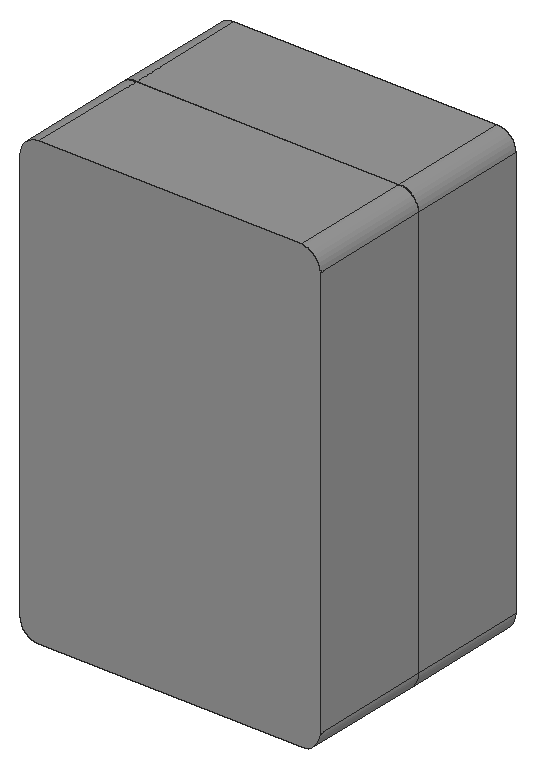
Revit family "Domotics-DomesticRanges-GEWISS-27COMBI22-IP66_ENCLOSURES_1OPERATOR_D22", category Apparecchi elettrici, host Muro, Revit 2016
Family settings
  Host = Muro
  Mantenere orientamento annotazione = No
  Tipo di parte = Normale
  Quota connettore circolare = Usa diametro
  Sempre verticale = Sì
  Taglio con vuoti quando caricato = No
  Condiviso = No
  Punto di calcolo locali = No
Parameters (values of type "GW27202 - Enclosure 1 gang red emergency button")
  Version file RFA = "18.0"
  URL = "https://www.gewiss.com/ww/en"
  Type of knockout holes = "Removable with tool"
  Torque screws tightening = "0,8NM"
  Thermo-pressure with ball = "70 °C"
  Technical sheet = "https://www.gewiss.com/ww/en/search?q=GW27202"
  Standard; = "EN 60947-1 - EN 60947-5-1"
  Standard = "EN 60947-1 - EN 60947-5-1"
  SEO = "Enclosure"
  Realized by GEWISS S.p.A. = ""
  Produttore = "GEWISS S.p.A."
  Outer dim. LxHxD (mm) = "66x82x65"
  Operators Ã˜ 22 = "Emergency (red)"
  No. gangs = "1"
  Modello = "GW27202"
  Lid screws = "Stainless steel"
  Insulation class = "II"
  Installation temperature = "-25 +60 °C"
  Immagine tipo = GW27202.jpg
  Scocca anteriore = Giallo
  Pulsante_1 = Pulsante emergenza - rosso
  Profondità = 65 mm
  Larghezza = 80 mm
  IP degree = "IP66"
  IFC.TypeObject = ""
  IFC.ExportType = ""
  IFC.ExportAs = ""
  IDT = "5a7eeb40-13d5-4b7f-8289-c5ccf35a1a1c"
  IDF = "1d24cdab-fbde-41bc-9d64-04a2c72208b5"
  Glow Wire Test = "650°C"
  Electrocod = "0212"
  EAN code = "8011564055575"
  Descrizione = "ENCLOSURE 1G RED EMERGENCY BUTTON"
  Contacts = "1 NO - 1 NC"
  Colour = "Yellow cover"
  Catalogue Range = "27COMBI"
  Catalogue = "DOMOTICS"
  COBie.Tagnumber = ""
  COBie.CreatedOn = ""
  COBie.CreatebBy = ""
  COBie.ComponentRegisterItemID = ""
  COBie.Component.TagNumber = ""
  COBie.Component.Space = ""
  COBie.Component.SerialNumber = ""
  COBie.Component.InstallationDate = ""
  COBie.Component.Description = ""
  COBie.Component.BarCode = ""
  Altezza = 120 mm
Types (2, lengths in mm): name | Technical sheet | Operators Ã˜ 22 | Modello | Immagine tipo | Scocca anteriore | Pulsante_1 | IDT | EAN code | Descrizione | Contacts | Colour
  GW27201 - Enclosure 1 gang black general button | "https://www.gewiss.com/ww/en/search?q=GW27201" | "General (black)" | "GW27201" | GW27201.jpg | Grigio | Pulsante standard - nero | "5abca504-defb-4c72-826a-cd115c14c119" | "8011564055568" | "ENCLOSURE 1G BLACK GENERAL BUTTON" | "1 NO" | "Grey RAL 7035"
  GW27202 - Enclosure 1 gang red emergency button | "https://www.gewiss.com/ww/en/search?q=GW27202" | "Emergency (red)" | "GW27202" | GW27202.jpg | Giallo | Pulsante emergenza - rosso | "5a7eeb40-13d5-4b7f-8289-c5ccf35a1a1c" | "8011564055575" | "ENCLOSURE 1G RED EMERGENCY BUTTON" | "1 NO - 1 NC" | "Yellow cover"
Reference planes
  plane 1 "Muro": y = 0
  plane 2 "Centro (Sinistra/Destra)": x = 125
  plane 3 "Indietro": y = 150
  plane 4: z = 1089.176
  plane 5: z = 1029.176
  plane 6: x = 165
  plane 7: x = 85
  plane 8: z = 969.176
  plane 9: y = 215
  plane 10: y = 182.5
  plane 11: y = 241
  plane 12: y = 244
  plane 13: y = 218
Forms (mm)
  Extrusion 1, solid, material "Grigio"
    sketch origin (0, 0, -500) x (1, 0, 0) y (0, 0, 1)
      loop
        line (160, 1589.176) -> (90, 1589.176)
        arc (90, 1589.176) -> (86.464, 1587.712) -> (85, 1584.176) r 5
        line (85, 1584.176) -> (85, 1474.176)
        arc (85, 1474.176) -> (86.464, 1470.641) -> (90, 1469.176) r 5
        line (90, 1469.176) -> (160, 1469.176)
        arc (160, 1469.176) -> (163.536, 1470.641) -> (165, 1474.176) r 5
        line (165, 1474.176) -> (165, 1584.176)
        arc (165, 1584.176) -> (163.536, 1587.712) -> (160, 1589.176) r 5
    from -182.5 to -150
  Extrusion 2, solid, material "Giallo" <- "Scocca anteriore"
    sketch origin (0, 0, -500) x (1, 0, 0) y (0, 0, 1)
      loop
        line (160, 1589.176) -> (90, 1589.176)
        arc (90, 1589.176) -> (86.464, 1587.712) -> (85, 1584.176) r 5
        line (85, 1584.176) -> (85, 1474.176)
        arc (85, 1474.176) -> (86.464, 1470.641) -> (90, 1469.176) r 5
        line (90, 1469.176) -> (160, 1469.176)
        arc (160, 1469.176) -> (163.536, 1470.641) -> (165, 1474.176) r 5
        line (165, 1474.176) -> (165, 1584.176)
        arc (165, 1584.176) -> (163.536, 1587.712) -> (160, 1589.176) r 5
    from -182.5 to -215
  Revolve 3, solid, material "Pulsante emergenza - rosso" <- "Pulsante_1", detail levels fine
    sketch origin (125, 0, -500) x (0, 1, 0) y (0, 0, 1)
      loop
        line (218, 1529.176) -> (241, 1529.176) -> (241, 1544.599) -> (218, 1542.497) -> (218, 1529.176)
      axis (241, 1529.176) -> (218, 1529.176)
    angle from 0 to 360
  Revolve 4, solid, material "Giallo" <- "Scocca anteriore"
    sketch origin (125, 0, -500) x (0, 1, 0) y (0, 0, 1)
      loop
        line (218, 1542.497) -> (215, 1542.497) -> (215, 1529.176) -> (218, 1529.176) -> (218, 1542.497)
      axis (218, 1529.176) -> (215, 1529.176)
    angle from 0 to 360
  Extrusion 5, void, detail levels fine
    sketch origin (0, 0, -500) x (1, 0, 0) y (0, 0, 1)
      loop
        line (121.294, 1543.009) -> (121.008, 1544.074)
        arc (121.008, 1544.074) -> (117.289, 1542.533) -> (114.095, 1540.082) r 15.423
        line (114.095, 1540.082) -> (114.874, 1539.303)
        arc (114.874, 1539.303) -> (117.84, 1541.578) -> (121.294, 1543.009) r 14.321
      loop
        arc (128.706, 1543.009) -> (132.16, 1541.578) -> (135.126, 1539.303) r 14.321
        line (135.126, 1539.303) -> (135.905, 1540.082)
        arc (135.905, 1540.082) -> (132.711, 1542.533) -> (128.992, 1544.074) r 15.423
        line (128.992, 1544.074) -> (128.706, 1543.009)
      loop
        arc (121.294, 1515.344) -> (117.84, 1516.775) -> (114.874, 1519.05) r 14.321
        line (114.874, 1519.05) -> (114.095, 1518.271)
        arc (114.095, 1518.271) -> (117.289, 1515.82) -> (121.008, 1514.279) r 15.423
        line (121.008, 1514.279) -> (121.294, 1515.344)
      loop
        line (111.167, 1532.883) -> (110.103, 1533.168)
        arc (110.103, 1533.168) -> (109.577, 1529.176) -> (110.103, 1525.185) r 15.423
        line (110.103, 1525.185) -> (111.167, 1525.47)
        arc (111.167, 1525.47) -> (110.679, 1529.176) -> (111.167, 1532.883) r 14.321
      loop
        arc (138.833, 1532.883) -> (139.321, 1529.176) -> (138.833, 1525.47) r 14.321
        line (138.833, 1525.47) -> (139.897, 1525.185)
        arc (139.897, 1525.185) -> (140.423, 1529.176) -> (139.897, 1533.168) r 15.423
        line (139.897, 1533.168) -> (138.833, 1532.883)
      loop
        arc (135.126, 1519.05) -> (132.16, 1516.775) -> (128.706, 1515.344) r 14.321
        line (128.706, 1515.344) -> (128.992, 1514.279)
        arc (128.992, 1514.279) -> (132.711, 1515.82) -> (135.905, 1518.271) r 15.423
        line (135.905, 1518.271) -> (135.126, 1519.05)
    from -241 to -218
  Extrusion 6, solid, material "Pulsante emergenza - rosso" <- "Pulsante_1", detail levels fine
    sketch origin (0, 0, -500) x (1, 0, 0) y (0, 0, 1)
      loop
        circle (125, 1529.176) r 15.423
    from -244 to -241
Cuts and joins
  Extrusion 5 cuts Revolve 3
Lines and regions (mm)
  model lines, detail levels fine
    curve 1: circle (157.854, 215, 1081.654) r 2.95 normal (0, -1, 0)
    curve 2: circle (92.146, 215, 1081.654) r 2.95 normal (0, 1, 0)
    curve 3: circle (157.854, 215, 976.699) r 2.95 normal (0, 1, 0)
    curve 4: circle (92.146, 215, 976.699) r 2.95 normal (0, -1, 0)
Text (mm)
  text "Lato posizionamento" at (-1848.837, 1116.779, 0), in view "Livello rif."
  text "Lato posizionamento" at (0, 1285.74, 1740.657), in view "Sinistra"
  text "Lato posizionamento" at (0, 499.811, 2980.732), in view "Destra"
Dimensions and locks
  locked: plane 3 "Indietro" to host wall
  "Larghezza": plane 7 to plane 6
  "Altezza": plane 8 to plane 4
  equal spacing: plane 8, plane 5, plane 4
  equal spacing: plane 7, plane 2 "Centro (Sinistra/Destra)", plane 6
  locked: plane 12 to plane 11 at 3
  locked: plane 13 to plane 9 at 3
  locked: plane 11 to plane 13 at 23
  equal spacing: plane 9, plane 10, plane 3 "Indietro"
  "Profondità": plane 9 to plane 3 "Indietro"
  aligned and locked: plane 1 "Muro" to host wall
  aligned and locked: plane 4 to Extrusion 1 sketch curve
  aligned and locked: Extrusion 1 sketch curve to plane 6
  aligned and locked: Extrusion 1 sketch curve to plane 8
  aligned and locked: plane 7 to Extrusion 1 sketch curve
  aligned and locked: plane 6 to Extrusion 2 sketch curve
  aligned and locked: plane 8 to Extrusion 2 sketch curve
  aligned and locked: Extrusion 2 sketch curve to plane 4
  aligned and locked: plane 10 to Extrusion 1
  aligned and locked: Extrusion 2 to Extrusion 1
  aligned and locked: Extrusion 1 to host wall
  aligned and locked: Extrusion 5 to Revolve 3  (x2)
  aligned and locked: Extrusion 6 to plane 12
  aligned and locked: Revolve 3 sketch curve to plane 11
  aligned and locked: Extrusion 6 to cut or joined group of Revolve 3, Extrusion 5
  aligned and locked: cut or joined group of Revolve 3, Extrusion 5 to plane 13
  aligned and locked: Revolve 4 to plane 13
  aligned and locked: plane 9 to Extrusion 2
Automatic sketch dimensions
  Extrusion 1 sketch curve to plane 7 = 5 mm
  Extrusion 1 sketch curve to plane 4 = 5 mm
  Extrusion 1 sketch curve to Extrusion 1 sketch curve = 5 mm  (x2)
  plane 7 to Extrusion 2 sketch curve = 0 mm
  Extrusion 2 sketch curve to plane 7 = 5 mm  (x2)
  Extrusion 2 sketch curve to Extrusion 2 sketch curve = 5 mm
  plane 6 to Extrusion 2 sketch curve = 5 mm
  Extrusion 5 sketch curve to Extrusion 5 sketch curve = 0 mm  (x153)
  Extrusion 5 sketch curve to Extrusion 5 sketch curve = 0.285 mm  (x4)
  Extrusion 5 sketch curve to Extrusion 5 sketch curve = 1.065 mm  (x4)
  Extrusion 5 sketch curve to plane 2 "Centro (Sinistra/Destra)" = 3.706 mm
  Extrusion 5 sketch curve to Extrusion 5 sketch curve = 6.42 mm  (x8)
  Extrusion 5 sketch curve to Extrusion 5 sketch curve = 0.779 mm  (x6)
  plane 5 to Extrusion 5 sketch curve = 3.706 mm  (x2)
  Extrusion 5 sketch curve to Extrusion 5 sketch curve = 3.706 mm  (x2)
  Extrusion 5 sketch curve to plane 5 = 3.706 mm  (x2)
  plane 5 to Extrusion 5 sketch curve = 3.992 mm  (x2)
  Extrusion 5 sketch curve to plane 5 = 3.992 mm  (x2)
  plane 2 "Centro (Sinistra/Destra)" to Extrusion 5 sketch curve = 3.706 mm  (x2)
  Extrusion 5 sketch curve to plane 2 "Centro (Sinistra/Destra)" = 0 mm
  Extrusion 5 sketch curve to plane 5 = 0 mm
  Extrusion 5 sketch curve to plane 2 "Centro (Sinistra/Destra)" = 3.992 mm
  Revolve 4 sketch curve to plane 5 = 0 mm  (x2)
  Revolve 4 sketch curve to plane 9 = 0 mm
  Revolve 4 sketch curve to Revolve 4 sketch curve = 3 mm
  plane 5 to Revolve 4 sketch curve = 13.321 mm
  host wall to Revolve 4 sketch curve = 1175 mm
  Revolve 4 sketch curve to plane 12 = 1354.439 mm
  Extrusion 2 to curve 2 = 7.146 mm
  Extrusion 2 to curve 4 = 7.146 mm
  Extrusion 2 to curve 3 = 7.146 mm
  Extrusion 2 to curve 1 = 7.146 mm
  Extrusion 2 to curve 3 = 7.523 mm
  Extrusion 2 to curve 4 = 7.523 mm
  Extrusion 2 to curve 2 = 7.523 mm
  Extrusion 2 to curve 1 = 7.523 mm
  Extrusion 6 sketch curve to plane 2 "Centro (Sinistra/Destra)" = 0 mm
  Extrusion 6 sketch curve to plane 5 = 0 mm
  Revolve 3 sketch curve to plane 5 = 0 mm  (x2)
  Revolve 3 sketch curve to plane 13 = 0 mm
  Revolve 3 sketch curve to Revolve 3 sketch curve = 15.423 mm
  host wall to Revolve 3 sketch curve = 1175 mm
  Revolve 3 sketch curve to plane 12 = 1354.439 mm
  Revolve 3 sketch curve to Revolve 3 sketch curve = 13.321 mm
  radius of curve 1 = 2.95 mm
  radius of curve 2 = 2.95 mm
  radius of curve 3 = 2.95 mm
  radius of curve 4 = 2.95 mm
  radius of Extrusion 6 sketch curve = 15.423 mm
